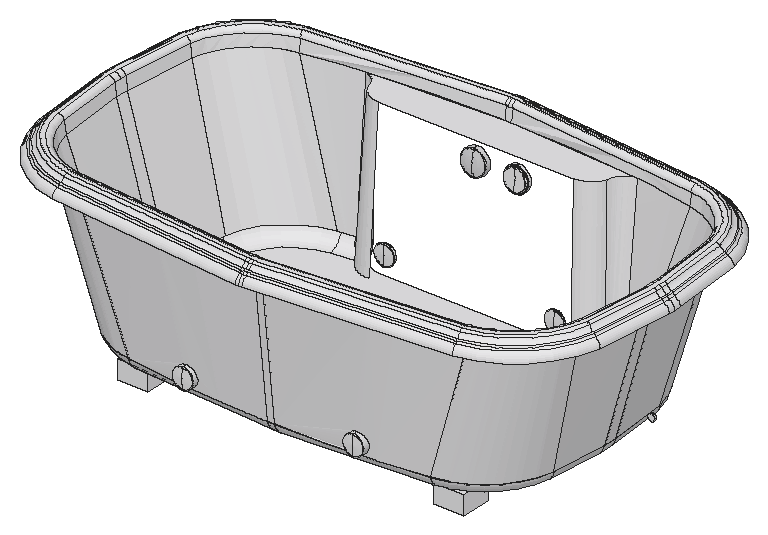
Revit family "Bath-Drop_In-BubbleMassage-KOHLER-PORTRAIT-K-1457T", category Plumbing Fixtures, host Face, Revit 2017
Family settings
  Host = Face
  Round Connector Dimension = Use Diameter
  Part Type = Normal
  OmniClass Number = 23.31.15.00
  Cut with Voids When Loaded = No
  Shared = No
  Room Calculation Point = No
Parameters (values of type "0-White")
  Width = 42"  # constant formula
  WaterSense Certified = 1 = 0  # no
  Waste Water Outlet = "Waste Water Outlet"  # constant formula
  Waste Connection = 1 = 1  # yes
  Voltage = 120 V  # constant formula
  Vent Connection = 1 = 0  # no
  URL = "https://www.kohler.com.cn/"
  Type = 1
  Pump Electrical Connector = "Pump Electrical Connector"  # constant formula
  Product Page URL = "https://www.kohler.com.cn/product/K-1457T-G-0/K-1457T-G-0/"
  Product Name = "PORTRAIT"  # constant formula
  Product Documentation Link = "https://files.kohler.com.cn/pdfs/1404t_556t_1239t_1330t_1457t.pdf"
  Model = "K-1457T-G-0"  # constant formula
  Material = "High brightness acrylic"  # constant formula
  Master Format 2014 Name = "Residential Bathtubs"  # constant formula
  Master Format 2014 = "22 41 19"  # constant formula
  Manufacturer Address = "Kohler Beijing Office (100016)\r\n36-2-03-B, No. 88, Liuxiang Road, Beijing"  # constant formula
  Manufacturer = "KOHLER Co."  # constant formula
  Length = 67"  # constant formula
  Hot Water Inlet = "Hot Water Inlet"  # constant formula
  Height = 22"  # constant formula
  Heater Electrical Connector = "Heater Electrical Connector"  # constant formula
  HW Connection = 1 = 0  # no
  Finish = Kohler-Acrylic-0-White
  Environmental Product Declaration = ""
  Electrical Note = ""
  Electrical Connector = 1 = 1  # yes
  Drain Included = 1 = 0  # no
  Description = "PORTRAIT Experience Bubble Bath"  # constant formula
  Default Elevation = 0"
  Declare Label = ""
  Date Modified = "01/28/2021"  # constant formula
  Date Created = "01/28/2021"  # constant formula
  Copyright = "Copyright KOHLER Co."  # constant formula
  Contact Us = "http://www.kohler.com.cn/contact/contact-us/"
  Cold Water Inlet = "Cold Water Inlet"  # constant formula
  CW Connection = 1 = 0  # no
  Blower Electrical Connector = "Blower Electrical Connector"  # constant formula
  Assembly Code = "D2010500"
  Apparent Load = 1800 VA  # constant formula
  Amplifer Electrical Connector = "Amplifer Electrical Connector"  # constant formula
  ADA Compliant = 1 = 0  # no
Reference planes (in)
  plane 1 "Center (Front/Back)": y = 0
  plane 2: z = 0
  plane 3 "Center (Left/Right)": x = 0
  plane 4: y = 21
  plane 5: y = -21
  plane 6: x = -33.5
  plane 7: x = 33.5
  plane 8: y = 7.46063
  plane 9: x = 25.88386
  plane 10: x = -25.88386
  plane 11: y = 18.67717
  plane 12: y = -16.47325
  plane 13: y = -18.67717
  plane 14: y = 12.67242
  plane 15: x = 5
  plane 16: x = -30.87008
  plane 17: x = 30.87008
  plane 18: z = -21.84252
  plane 19: z = -21.96457
  plane 20: z = -20.01181
  plane 21: z = -1.51575
  plane 22: z = -18.9685
  plane 23: z = 1.98819
Forms (in)
  Extrusion 1, void
    sketch origin (0, 0, 0) x (1, 0, 0) y (0, 1, 0)
      loop
        arc (-0.3937, 20.09449) -> (-11.70764, 19.60197) -> (-22.93599, 18.12814) r 130.19625
        arc (-22.93599, 18.12814) -> (-25.30719, 17.42665) -> (-27.4594, 16.20899) r 10.90551
        arc (-27.4594, 16.20899) -> (-30.24091, 13.25392) -> (-31.74938, 9.48645) r 10.90551
        arc (-31.74938, 9.48645) -> (-32.38272, 5.15741) -> (-32.59449, 0.7874) r 45.19406
        line (-32.59449, 0.7874) -> (-32.59449, -0.7874)
        arc (-32.59449, -0.7874) -> (-32.38272, -5.15741) -> (-31.74938, -9.48645) r 45.19406
        arc (-31.74938, -9.48645) -> (-30.49564, -12.83422) -> (-28.2267, -15.5967) r 10.90551
        arc (-28.2267, -15.5967) -> (-25.75471, -17.22477) -> (-22.93599, -18.12814) r 10.90551
        arc (-22.93599, -18.12814) -> (-11.70764, -19.60197) -> (-0.3937, -20.09449) r 130.19625
        line (-0.3937, -20.09449) -> (0.3937, -20.09449)
        arc (0.3937, -20.09449) -> (11.70764, -19.60197) -> (22.93599, -18.12814) r 130.19625
        arc (22.93599, -18.12814) -> (25.32869, -17.4175) -> (27.49715, -16.18143) r 10.90551
        arc (27.49715, -16.18143) -> (30.25346, -13.23421) -> (31.74938, -9.48645) r 10.90551
        arc (31.74938, -9.48645) -> (32.38272, -5.15741) -> (32.59449, -0.7874) r 45.19406
        line (32.59449, -0.7874) -> (32.59449, 0.7874)
        arc (32.59449, 0.7874) -> (32.38272, 5.15741) -> (31.74938, 9.48645) r 45.19406
        arc (31.74938, 9.48645) -> (30.16109, 13.37717) -> (27.21953, 16.37844) r 10.90551
        arc (27.21953, 16.37844) -> (25.17163, 17.48309) -> (22.93599, 18.12814) r 10.90551
        arc (22.93599, 18.12814) -> (11.70764, 19.60197) -> (0.3937, 20.09449) r 130.19625
        line (0.3937, 20.09449) -> (-0.3937, 20.09449)
    from -24.98982 to 0
Dimensions and locks (in)
  "Length": plane 6 to plane 7
  "Width": plane 5 to plane 4
  plane 10 to plane 9 = 51.76772"
  plane 16 to plane 17 = 61.74016"
  plane 6 to plane 3 "Center (Left/Right)" = 33 1/2"
  plane 8 to plane 4 = 13.53937"
  plane 1 "Center (Front/Back)" to plane 4 = 21"
  plane 12 to plane 14 = 29.14567"
  plane 13 to plane 11 = 37.35433"
  plane 23 to level = 1.98819"
  plane 23 to plane 21 = 3.50394"
  "Height": plane 23 to plane 20
  plane 21 to plane 22 = 17.45276"
  plane 22 to plane 19 = 2.99606"
  plane 23 to plane 18 = 23.83071"
  aligned and locked: plane 2 to host face
  aligned and locked: level to host face
Automatic sketch dimensions
  host sketch curve to host sketch curve = 96"  (x2)
  Extrusion 1 sketch curve to Extrusion 1 sketch curve = 0"  (x16)
  Extrusion 1 sketch curve to plane 6 = 0.90551"
  Extrusion 1 sketch curve to plane 10 = 4.83606"  (x2)
  plane 8 to Extrusion 1 sketch curve = 0.07329"  (x2)
  plane 1 "Center (Front/Back)" to Extrusion 1 sketch curve = 0.7874"  (x2)
  Extrusion 1 sketch curve to Extrusion 1 sketch curve = 8.44822"
  Extrusion 1 sketch curve to plane 3 "Center (Left/Right)" = 0.3937"  (x2)
  plane 3 "Center (Left/Right)" to Extrusion 1 sketch curve = 0.3937"  (x2)
  Extrusion 1 sketch curve to plane 1 "Center (Front/Back)" = 0.7874"  (x2)
  Extrusion 1 sketch curve to plane 15 = 7.59958"
  Extrusion 1 sketch curve to plane 9 = 4.83606"  (x2)
  Extrusion 1 sketch curve to plane 7 = 0.90551"
  plane 1 "Center (Front/Back)" to Extrusion 1 sketch curve = 7.38734"  (x2)
  plane 5 to Extrusion 1 sketch curve = 0.90551"
  Extrusion 1 sketch curve to plane 5 = 89.10177"
  plane 4 to Extrusion 1 sketch curve = 0.90551"
  Extrusion 1 sketch curve to plane 4 = 89.10177"
  Extrusion 1 sketch curve to plane 12 = 0.87656"
  plane 10 to Extrusion 1 sketch curve = 1.57554"
  plane 9 to Extrusion 1 sketch curve = 1.33567"
  Extrusion 1 sketch curve to plane 12 = 0.29182"
Nested families (in)
  nested 1: "K-1457T" at (0, 0, 0), type "K-1457T"
Connectors (in)
  piping at (0, 7.46063, -21.96457), diameter 1.25, driven by "Waste Connection", driven by "Waste Water Outlet"
    settings: on nested 1, index 1, connector inside diameter 24", connector length 0", flow factor 0, pipe flow 0 GPM, pressure drop 0.00 psi, fitting loss kfactor 0, connector angle 0.00°, fixture units 0, engagement length 0", angle of deflection 0.00°, flow configuration 0, flow direction 2, fitting loss method 0, system type 16, joint type 0, gender type 0, connector reference index -1, connector utility 1, adjustable connector no, is connector primary yes, connector description "Waste Water Outlet"
  electrical at (30.87008, 0, -12), driven by "Voltage", driven by "Apparent Load", driven by "Electrical Connector", driven by "Blower Electrical Connector"
    settings: on nested 1, index 2, voltage 120 V, apparent load 1800 VA, apparent load phase1 0 VA, apparent load phase2 0 VA, apparent load phase3 0 VA, power factor 1, load classification "Power", number of poles 1, system type 30, power factor state 1, is connector primary yes, connector utility yes, sub classification motor no, connector description "Blower Electrical Connector"
Definition of nested family "K-1457T"
  Parameters (values of type "K-1457T")
    Material = none
  Reference planes (in)
    plane 1 "Center (Front/Back)": y = 0
    plane 2: z = 0
    plane 3 "Center (Left/Right)": x = 0
    plane 4: x = -33.5
    plane 5: x = 33.5
    plane 6: y = 21
    plane 7: y = -21
    plane 8: y = 7.46063
    plane 9: x = -30.87008
    plane 10: x = 30.87008
    plane 11: y = 18.67717
    plane 12: x = -25.88386
    plane 13: y = -16.47325
    plane 14: x = 25.88386
    plane 15: y = 12.67242
    plane 16: y = -18.67717
    plane 17: z = 1.98819
    plane 18: z = -20.01181
    plane 19: z = -21.84252
    plane 20: z = -1.51575
    plane 21: z = -18.9685
    plane 22: z = -21.96457
    plane 23: x = 5
    plane 24: x = -9.84252
    plane 25: x = 9.84252
  Forms (in)
    Blend 1, solid, material <- "Material", detail levels medium+fine
      base sketch origin (0, 0, 0) x (1, 0, 0) y (0, 1, 0)
        loop
          arc (-15.50677, 15.1665) -> (-14.77639, 14.62058) -> (-14.29355, 13.84705) r 2.47251
          arc (-14.29355, 13.84705) -> (-13.178, 12.50738) -> (-11.48171, 12.1052) r 2.75591
          arc (-11.48171, 12.1052) -> (0.21472, 12.61548) -> (11.90922, 12.06272) r 128.93701
          arc (11.90922, 12.06272) -> (13.52816, 12.45712) -> (14.56109, 13.76462) r 2.55906
          arc (14.56109, 13.76462) -> (15.04649, 14.58965) -> (15.8089, 15.16848) r 2.47251
          arc (15.8089, 15.16848) -> (0.151, 16.10951) -> (-15.50677, 15.1665) r 130.60032
      top sketch origin (0, 0, 0) x (1, 0, 0) y (0, 1, 0)
        loop
          arc (-13.76956, 15.03411) -> (-12.87103, 13.72924) -> (-11.35011, 13.28559) r 2.3622
          arc (-11.35011, 13.28559) -> (-0.04138, 13.61542) -> (11.26746, 13.28935) r 195.14659
          arc (11.26746, 13.28935) -> (12.78716, 13.73273) -> (13.68564, 15.03611) r 2.3622
          arc (13.68564, 15.03611) -> (14.74434, 16.51989) -> (16.51688, 16.94481) r 2.60174
          arc (16.51688, 16.94481) -> (-0.04223, 17.96121) -> (-16.60133, 16.94481) r 135.39841
          arc (-16.60133, 16.94481) -> (-14.82793, 16.51931) -> (-13.76956, 15.03411) r 2.60174
      from -17.76555 to 0
    Sweep 2, solid, material <- "Material", detail levels medium+fine
      path origin (0, 0, 0) x (1, 0, 0) y (0, 1, 0)
        loop
          line (-33.5, 0) -> (-33.5, -0.7874)
          arc (-33.5, -0.7874) -> (-33.28398, -5.24496) -> (-32.63796, -9.66075) r 46.09958
          arc (-32.63796, -9.66075) -> (-29.3169, -15.82074) -> (-23.09277, -19.01998) r 11.81102
          arc (-23.09277, -19.01998) -> (-11.78633, -20.50406) -> (-0.3937, -21) r 131.10177
          line (-0.3937, -21) -> (0, -21) -> (0.3937, -21)
          arc (0.3937, -21) -> (11.78633, -20.50406) -> (23.09277, -19.01998) r 131.10177
          arc (23.09277, -19.01998) -> (29.3169, -15.82074) -> (32.63796, -9.66075) r 11.81102
          arc (32.63796, -9.66075) -> (33.28398, -5.24496) -> (33.5, -0.7874) r 46.09958
          line (33.5, -0.7874) -> (33.5, 0) -> (33.5, 0.7874)
          arc (33.5, 0.7874) -> (33.28398, 5.24496) -> (32.63796, 9.66075) r 46.09958
          arc (32.63796, 9.66075) -> (29.3169, 15.82074) -> (23.09277, 19.01998) r 11.81102
          arc (23.09277, 19.01998) -> (11.78633, 20.50406) -> (0.3937, 21) r 131.10177
          line (0.3937, 21) -> (0, 21) -> (-0.3937, 21)
          arc (-0.3937, 21) -> (-11.78633, 20.50406) -> (-23.09277, 19.01998) r 131.10177
          arc (-23.09277, 19.01998) -> (-29.3169, 15.82074) -> (-32.63796, 9.66075) r 11.81102
          arc (-32.63796, 9.66075) -> (-33.28398, 5.24496) -> (-33.5, 0.7874) r 46.09958
          line (-33.5, 0.7874) -> (-33.5, 0)
      profile origin (0, -21, 0) x (0, 1, 0) y (0, 0, 1)
        loop
          arc (1.78635, 1.98981) -> (1.5989, 1.93549) -> (1.46954, 1.78935) r 0.35057
          arc (1.46954, 1.78935) -> (1.26538, 1.50818) -> (0.97317, 1.32018) r 0.94182
          arc (0.97317, 1.32018) -> (0.87846, 1.25479) -> (0.82025, 1.15551) r 0.26593
          arc (0.82025, 1.15551) -> (0.74221, 1.01975) -> (0.61568, 0.92749) r 0.37643
          arc (0.61568, 0.92749) -> (0.17341, 0.55298) -> (0, 0) r 1.04078
          line (0, 0) -> (0.09845, 0)
          arc (0.09845, 0) -> (0.25601, 0.49943) -> (0.65586, 0.83763) r 0.94236
          arc (0.65586, 0.83763) -> (0.81547, 0.95402) -> (0.91392, 1.12528) r 0.47486
          arc (0.91392, 1.12528) -> (0.95058, 1.18781) -> (1.01024, 1.229) r 0.1675
          arc (1.01024, 1.229) -> (1.33299, 1.43665) -> (1.55848, 1.74721) r 1.04024
          arc (1.55848, 1.74721) -> (1.65152, 1.85231) -> (1.78635, 1.89138) r 0.25215
          line (1.78635, 1.89138) -> (2.29155, 1.89138)
          arc (2.29155, 1.89138) -> (2.69392, 1.74031) -> (2.89744, 1.36175) r 0.61138
          line (2.89744, 1.36175) -> (3.08116, 0) -> (3.18047, 0) -> (2.98827, 1.42461)
          arc (2.98827, 1.42461) -> (2.77109, 1.82859) -> (2.3417, 1.98981) r 0.65243
          line (2.3417, 1.98981) -> (1.78635, 1.98981)
    Blend 3, solid, material <- "Material", detail levels medium+fine
      base sketch origin (0, 0, 0) x (1, 0, 0) y (0, 1, 0)
        loop
          arc (-0.3937, 16.82677) -> (-8.88689, 16.5423) -> (-17.34201, 15.69016) r 126.92854
          arc (-17.34201, 15.69016) -> (-22.5691, 13.19444) -> (-25.35775, 8.11757) r 9.44882
          arc (-25.35775, 8.11757) -> (-25.88333, 4.46922) -> (-26.05906, 0.7874) r 38.65863
          line (-26.05906, 0.7874) -> (-26.05906, -0.7874)
          arc (-26.05906, -0.7874) -> (-25.91797, -4.0871) -> (-25.49576, -7.36272) r 38.65863
          arc (-25.49576, -7.36272) -> (-22.74646, -12.55432) -> (-17.46066, -15.11786) r 9.44882
          arc (-17.46066, -15.11786) -> (-8.94679, -15.98583) -> (-0.3937, -16.27559) r 126.37736
          line (-0.3937, -16.27559) -> (0.3937, -16.27559)
          arc (0.3937, -16.27559) -> (8.94679, -15.98583) -> (17.46066, -15.11786) r 126.37736
          arc (17.46066, -15.11786) -> (22.74646, -12.55432) -> (25.49576, -7.36272) r 9.44882
          arc (25.49576, -7.36272) -> (25.91797, -4.0871) -> (26.05906, -0.7874) r 38.65863
          line (26.05906, -0.7874) -> (26.05906, 0.7874)
          arc (26.05906, 0.7874) -> (25.88333, 4.46922) -> (25.35775, 8.11757) r 38.65863
          arc (25.35775, 8.11757) -> (22.5691, 13.19444) -> (17.34201, 15.69016) r 9.44882
          arc (17.34201, 15.69016) -> (8.88689, 16.5423) -> (0.3937, 16.82677) r 126.92854
          line (0.3937, 16.82677) -> (-0.3937, 16.82677)
      top sketch origin (0, 0, 0) x (1, 0, 0) y (0, 1, 0)
        loop
          arc (-22.61026, 16.2753) -> (-27.36583, 13.83091) -> (-29.9033, 9.12435) r 9.02425
          arc (-29.9033, 9.12435) -> (-30.51027, 4.9755) -> (-30.71323, 0.7874) r 43.3128
          line (-30.71323, 0.7874) -> (-30.71323, -0.7874)
          arc (-30.71323, -0.7874) -> (-30.51027, -4.9755) -> (-29.9033, -9.12435) r 43.3128
          arc (-29.9033, -9.12435) -> (-27.36583, -13.83091) -> (-22.61026, -16.2753) r 9.02425
          arc (-22.61026, -16.2753) -> (-11.54416, -17.72783) -> (-0.3937, -18.21323) r 128.31499
          line (-0.3937, -18.21323) -> (0.3937, -18.21323)
          arc (0.3937, -18.21323) -> (11.54416, -17.72783) -> (22.61026, -16.2753) r 128.31499
          arc (22.61026, -16.2753) -> (27.36583, -13.83091) -> (29.9033, -9.12435) r 9.02425
          arc (29.9033, -9.12435) -> (30.51027, -4.9755) -> (30.71323, -0.7874) r 43.3128
          line (30.71323, -0.7874) -> (30.71323, 0.7874)
          arc (30.71323, 0.7874) -> (30.51027, 4.9755) -> (29.9033, 9.12435) r 43.3128
          arc (29.9033, 9.12435) -> (27.36583, 13.83091) -> (22.61026, 16.2753) r 9.02425
          arc (22.61026, 16.2753) -> (11.54416, 17.72783) -> (0.3937, 18.21323) r 128.31499
          line (0.3937, 18.21323) -> (-0.3937, 18.21323)
          arc (-0.3937, 18.21323) -> (-11.54416, 17.72783) -> (-22.61026, 16.2753) r 128.31499
      from -16.23475 to 0
    Blend 4, void
      base sketch origin (0, 0, 0) x (1, 0, 0) y (0, 1, 0)
        loop
          arc (-17.35433, -14.33767) -> (-8.8935, -15.20023) -> (-0.3937, -15.48819) r 125.58996
          line (-0.3937, -15.48819) -> (0.3937, -15.48819)
          arc (0.3937, -15.48819) -> (8.8935, -15.20023) -> (17.35433, -14.33767) r 125.58996
          arc (17.35433, -14.33767) -> (22.19964, -11.98776) -> (24.71984, -7.22879) r 8.66142
          arc (24.71984, -7.22879) -> (25.13345, -4.01989) -> (25.27165, -0.7874) r 37.87123
          line (25.27165, -0.7874) -> (25.27165, 0.7874)
          arc (25.27165, 0.7874) -> (25.09951, 4.39423) -> (24.58463, 7.96827) r 37.87123
          arc (24.58463, 7.96827) -> (22.02837, 12.62207) -> (17.23687, 14.90981) r 8.66142
          arc (17.23687, 14.90981) -> (8.8342, 15.75666) -> (0.3937, 16.03937) r 126.14114
          line (0.3937, 16.03937) -> (-0.3937, 16.03937)
          arc (-0.3937, 16.03937) -> (-8.8342, 15.75666) -> (-17.23687, 14.90981) r 126.14114
          arc (-17.23687, 14.90981) -> (-22.02837, 12.62207) -> (-24.58463, 7.96827) r 8.66142
          arc (-24.58463, 7.96827) -> (-25.09951, 4.39423) -> (-25.27165, 0.7874) r 37.87123
          line (-25.27165, 0.7874) -> (-25.27165, -0.7874)
          arc (-25.27165, -0.7874) -> (-25.13345, -4.01989) -> (-24.71984, -7.22879) r 37.87123
          arc (-24.71984, -7.22879) -> (-22.19964, -11.98776) -> (-17.35433, -14.33767) r 8.66142
      top sketch origin (0, 0, 0) x (1, 0, 0) y (0, 1, 0)
        loop
          arc (22.5421, -15.88754) -> (27.09019, -13.54979) -> (29.51696, -9.04857) r 8.63055
          arc (29.51696, -9.04857) -> (30.11841, -4.93743) -> (30.31953, -0.7874) r 42.9191
          line (30.31953, -0.7874) -> (30.31953, 0.7874)
          arc (30.31953, 0.7874) -> (30.11841, 4.93743) -> (29.51696, 9.04857) r 42.9191
          arc (29.51696, 9.04857) -> (27.09019, 13.54979) -> (22.5421, 15.88754) r 8.63055
          arc (22.5421, 15.88754) -> (11.50995, 17.33562) -> (0.3937, 17.81953) r 127.92129
          line (0.3937, 17.81953) -> (-0.3937, 17.81953)
          arc (-0.3937, 17.81953) -> (-11.50995, 17.33562) -> (-22.5421, 15.88754) r 127.92129
          arc (-22.5421, 15.88754) -> (-27.09019, 13.54979) -> (-29.51696, 9.04857) r 8.63055
          arc (-29.51696, 9.04857) -> (-30.11841, 4.93743) -> (-30.31953, 0.7874) r 42.9191
          line (-30.31953, 0.7874) -> (-30.31953, -0.7874)
          arc (-30.31953, -0.7874) -> (-30.11841, -4.93743) -> (-29.51696, -9.04857) r 42.9191
          arc (-29.51696, -9.04857) -> (-27.09019, -13.54979) -> (-22.5421, -15.88754) r 8.63055
          arc (-22.5421, -15.88754) -> (-11.50995, -17.33562) -> (-0.3937, -17.81953) r 127.92129
          line (-0.3937, -17.81953) -> (0.3937, -17.81953)
          arc (0.3937, -17.81953) -> (11.50995, -17.33562) -> (22.5421, -15.88754) r 127.92129
      from -16.97366 to 0
    Sweep 5, solid, material <- "Material", detail levels medium+fine
      path origin (0, 0, 0) x (1, 0, 0) y (0, 1, 0)
        loop
          arc (-17.46066, -15.11786) -> (-8.94679, -15.98583) -> (-0.3937, -16.27559) r 126.37736
          line (-0.3937, -16.27559) -> (0.3937, -16.27559)
          arc (0.3937, -16.27559) -> (8.94679, -15.98583) -> (17.46066, -15.11786) r 126.37736
          arc (17.46066, -15.11786) -> (22.74646, -12.55432) -> (25.49576, -7.36272) r 9.44882
          arc (25.49576, -7.36272) -> (25.91797, -4.0871) -> (26.05906, -0.7874) r 38.65863
          line (26.05906, -0.7874) -> (26.05906, 0.7874)
          arc (26.05906, 0.7874) -> (25.88333, 4.46922) -> (25.35775, 8.11757) r 38.65863
          arc (25.35775, 8.11757) -> (22.5691, 13.19444) -> (17.34201, 15.69016) r 9.44882
          arc (17.34201, 15.69016) -> (8.88689, 16.5423) -> (0.3937, 16.82677) r 126.92854
          line (0.3937, 16.82677) -> (-0.3937, 16.82677)
          arc (-0.3937, 16.82677) -> (-8.88689, 16.5423) -> (-17.34201, 15.69016) r 126.92854
          arc (-17.34201, 15.69016) -> (-22.5691, 13.19444) -> (-25.35775, 8.11757) r 9.44882
          arc (-25.35775, 8.11757) -> (-25.88333, 4.46922) -> (-26.05906, 0.7874) r 38.65863
          line (-26.05906, 0.7874) -> (-26.05906, -0.7874)
          arc (-26.05906, -0.7874) -> (-25.91797, -4.0871) -> (-25.49576, -7.36272) r 38.65863
          arc (-25.49576, -7.36272) -> (-22.74646, -12.55432) -> (-17.46066, -15.11786) r 9.44882
      profile origin (26.05906, -0.7874, 0) x (1, 0, 0) y (0, 0, 1)
        loop
          line (-0.01755, -16.29598) -> (0, -16.23475) -> (-0.10239, -16.23475) -> (-0.11217, -16.26885)
          arc (-0.11217, -16.26885) -> (-0.8551, -17.34994) -> (-2.09906, -17.76618) r 2.06693
          line (-2.09906, -17.76618) -> (-2.89528, -17.76618) -> (-2.89528, -17.86461) -> (-2.09906, -17.86461)
          arc (-2.09906, -17.86461) -> (-0.79587, -17.42854) -> (-0.01755, -16.29598) r 2.16535
    Extrusion 6, solid, material <- "Material", detail levels medium+fine
      sketch origin (0, 0, 0) x (1, 0, 0) y (0, 1, 0)
        loop
          arc (-22.51499, 7.56859) -> (-23.00121, 4.19348) -> (-23.16378, 0.7874) r 35.76335
          line (-23.16378, 0.7874) -> (-23.16378, -0.7874)
          arc (-23.16378, -0.7874) -> (-23.03326, -3.83998) -> (-22.64267, -6.87027) r 35.76335
          arc (-22.64267, -6.87027) -> (-20.7358, -10.47108) -> (-17.06966, -12.24911) r 6.55354
          arc (-17.06966, -12.24911) -> (-8.75084, -13.09719) -> (-0.3937, -13.38031) r 123.48208
          line (-0.3937, -13.38031) -> (0.3937, -13.38031)
          arc (0.3937, -13.38031) -> (8.75084, -13.09719) -> (17.06966, -12.24911) r 123.48208
          arc (17.06966, -12.24911) -> (20.7358, -10.47108) -> (22.64267, -6.87027) r 6.55354
          arc (22.64267, -6.87027) -> (23.03326, -3.83998) -> (23.16378, -0.7874) r 35.76335
          line (23.16378, -0.7874) -> (23.16378, 0.7874)
          arc (23.16378, 0.7874) -> (23.00121, 4.19348) -> (22.51499, 7.56859) r 35.76335
          arc (22.51499, 7.56859) -> (20.58084, 11.08982) -> (16.95541, 12.82081) r 6.55354
          arc (16.95541, 12.82081) -> (8.69316, 13.65351) -> (0.3937, 13.93149) r 124.03326
          line (0.3937, 13.93149) -> (-0.3937, 13.93149)
          arc (-0.3937, 13.93149) -> (-8.69316, 13.65351) -> (-16.95541, 12.82081) r 124.03326
          arc (-16.95541, 12.82081) -> (-20.58084, 11.08982) -> (-22.51499, 7.56859) r 6.55354
      from -17.86461 to -17.76618
    Revolve 7, solid, detail levels medium+fine
      sketch origin (-52.31217, 7.46063, 48.24606) x (-1, 0, 0) y (0, 0, 1)
        loop
          line (-51.68225, -66.19369) -> (-51.68225, -66.11495) -> (-51.7451, -66.11495) -> (-51.7451, -65.93779) -> (-50.92649, -65.93779)
          arc (-50.92649, -65.93779) -> (-50.90538, -65.91976) -> (-50.91988, -65.89609) r 0.02137
          arc (-50.91988, -65.89609) -> (-51.61473, -65.83233) -> (-52.31217, -65.81105) r 11.44063
          line (-52.31217, -65.81105) -> (-52.31217, -66.69487) -> (-52.1388, -66.69487) -> (-52.1388, -66.19369) -> (-51.68225, -66.19369)
        axis (-52.31217, -66.69487) -> (-52.31217, -65.81105)
      angle from 0 to 360
    Revolve 8, void
      sketch origin (-52.31217, 7.46063, 48) x (-1, 0, 0) y (0, 0, 1)
        loop
          line (-50.22361, -65.76618) -> (-50.00348, -65.76618) -> (-50.00348, -65.63541) -> (-52.31217, -65.63541) -> (-52.31217, -66.72093) -> (-51.57381, -66.72093)
          arc (-51.57381, -66.72093) -> (-51.54285, -66.70967) -> (-51.52638, -66.68114) r 0.04816
          line (-51.52638, -66.68114) -> (-51.474, -66.38405)
          arc (-51.474, -66.38405) -> (-51.3961, -66.24912) -> (-51.2497, -66.19583) r 0.22776
          line (-51.2497, -66.19583) -> (-50.88592, -66.19583)
          arc (-50.88592, -66.19583) -> (-50.81059, -66.18085) -> (-50.74672, -66.13818) r 0.19685
          line (-50.74672, -66.13818) -> (-50.48158, -65.87304)
          arc (-50.48158, -65.87304) -> (-50.36322, -65.79395) -> (-50.22361, -65.76618) r 0.36483
        axis (-52.31217, -66.72093) -> (-52.31217, -65.63541)
      angle from 0 to 360
    Revolve 9, solid, material <- "Material", detail levels medium+fine
      sketch origin (-52.31217, 7.46063, 48) x (-1, 0, 0) y (0, 0, 1)
        loop
          arc (-50.41199, -65.94264) -> (-50.32556, -65.88489) -> (-50.22361, -65.86461) r 0.26641
          line (-50.22361, -65.86461) -> (-52.31217, -65.86461) -> (-52.31217, -66.67172) -> (-51.54778, -66.67172)
          arc (-51.54778, -66.67172) -> (-51.45355, -66.63743) -> (-51.40342, -66.55059) r 0.14658
          line (-51.40342, -66.55059) -> (-51.37707, -66.40114)
          arc (-51.37707, -66.40114) -> (-51.33283, -66.32452) -> (-51.2497, -66.29426) r 0.12934
          line (-51.2497, -66.29426) -> (-50.88592, -66.29426)
          arc (-50.88592, -66.29426) -> (-50.77292, -66.27178) -> (-50.67713, -66.20778) r 0.29528
          line (-50.67713, -66.20778) -> (-50.41199, -65.94264)
        axis (-52.31217, -66.67172) -> (-52.31217, -65.86461)
      angle from 0 to 360
    Revolve 10, solid, detail levels medium+fine
      sketch origin (0, 0, -0.54134) x (0, 1, 0) y (0, 0, 1)
        loop
          line (13.40929, -1.59023) -> (13.49232, -0.09647) -> (12.92306, -0.09647)
          arc (12.92306, -0.09647) -> (12.88485, -0.10937) -> (12.86228, -0.14279) r 0.06304
          arc (12.86228, -0.14279) -> (12.71012, -0.83881) -> (12.63278, -1.54706) r 6.69485
          line (12.63278, -1.54706) -> (13.40929, -1.59023)
        axis (13.40929, -1.59023) -> (12.63278, -1.54706)
      angle from 0 to 360
    Revolve 11, solid, material <- "Material", detail levels medium+fine
      sketch origin (5, 12.81397, 47.17255) x (0, 1, 0) y (0, 0, 1)
        loop
          line (0.49062, -47.95459) -> (0.39717, -47.82113) -> (0.08859, -47.80744)
          arc (0.08859, -47.80744) -> (0.07268, -47.80935) -> (0.05823, -47.81628) r 0.04914
          line (0.05823, -47.81628) -> (-0.0452, -47.8887) -> (-0.16717, -47.9331)
          arc (-0.16717, -47.9331) -> (-0.18021, -47.94265) -> (-0.18607, -47.95772) r 0.02888
          line (-0.18607, -47.95772) -> (-0.29536, -49.20694) -> (0.38522, -49.26182) -> (0.49062, -47.95459)
        axis (0.38522, -49.26182) -> (-0.29536, -49.20694)
      angle from 0 to 360
    Extrusion 12, solid, material <- "Material", detail levels medium+fine
      sketch origin (0, 0, 0) x (1, 0, 0) y (0, 1, 0)
        loop
          line (-16.5, 12.46) -> (-20, 12.46) -> (-20, 8.96) -> (-16.5, 8.96) -> (-16.5, 12.46)
        loop
          line (16.5, 12.46) -> (16.5, 8.96) -> (20, 8.96) -> (20, 12.46) -> (16.5, 12.46)
        loop
          line (1.75, 1.21) -> (-1.75, 1.21) -> (-1.75, -2.29) -> (1.75, -2.29) -> (1.75, 1.21)
        loop
          line (-16.5, -10.04) -> (-20, -10.04) -> (-20, -13.54) -> (-16.5, -13.54) -> (-16.5, -10.04)
        loop
          line (20, -10.04) -> (16.5, -10.04) -> (16.5, -13.54) -> (20, -13.54) -> (20, -10.04)
      from -20.01019 to -17.83961
    Extrusion 13, void
      sketch origin (0, 0, 0) x (1, 0, 0) y (0, 1, 0)
        loop
          line (16.49727, 16.99539) -> (16.49727, 19.16075) -> (-16.48865, 19.16075) -> (-16.48865, 17.038)
          arc (-16.48865, 17.038) -> (-14.78518, 16.59896) -> (-13.73877, 15.18489) r 2.63197
          arc (-13.73877, 15.18489) -> (-12.76523, 13.84024) -> (-11.17141, 13.37591) r 2.55906
          arc (-11.17141, 13.37591) -> (0.00115, 13.63715) -> (11.17365, 13.37384) r 238.09677
          arc (11.17365, 13.37384) -> (12.75018, 13.82573) -> (13.72863, 15.14188) r 2.55906
          arc (13.72863, 15.14188) -> (14.79148, 16.54882) -> (16.49727, 16.99539) r 2.69025
      from -23.8144 to -0.26081
    Extrusion 14, void
      sketch origin (0, 0, 0) x (0, 1, 0) y (0, 0, 1)
        loop
          arc (15.99576, -16.23475) -> (15.22848, -17.2807) -> (14.03433, -17.7874) r 2.44671
          line (14.03433, -17.7874) -> (14.03433, -18.03664) -> (16.41474, -18.03664) -> (16.41474, -16.23475) -> (15.99576, -16.23475)
      from -20 to 17.71505
    Revolve 15, solid, material <- "Material", detail levels medium+fine
      sketch origin (-9.84252, 27.83912, 47.99265) x (0, 1, 0) y (0, 0, 1)
        loop
          line (-15.24952, -62.88508) -> (-15.24952, -61.70397) -> (-15.51882, -61.70397)
          arc (-15.51882, -61.70397) -> (-15.53835, -61.71118) -> (-15.54852, -61.72935) r 0.03006
          arc (-15.54852, -61.72935) -> (-15.61648, -62.30544) -> (-15.63918, -62.88508) r 7.41184
          line (-15.63918, -62.88508) -> (-15.24952, -62.88508)
        axis (-15.24952, -62.88508) -> (-15.63918, -62.88508)
      angle from 0 to 360
    Revolve 16, solid, material <- "Material", detail levels medium+fine
      sketch origin (9.84252, 27.83912, 47.99265) x (0, 1, 0) y (0, 0, -1)
        loop
          line (-15.24952, 62.88508) -> (-15.63918, 62.88508)
          arc (-15.63918, 62.88508) -> (-15.61648, 62.30544) -> (-15.54852, 61.72935) r 7.41184
          arc (-15.54852, 61.72935) -> (-15.53835, 61.71118) -> (-15.51882, 61.70397) r 0.03006
          line (-15.51882, 61.70397) -> (-15.24952, 61.70397) -> (-15.24952, 62.88508)
        axis (-15.24952, 62.88508) -> (-15.63918, 62.88508)
      angle from 0 to 360
    Revolve 17, solid, material <- "Material", detail levels medium+fine
      sketch origin (-9.84252, -30.79187, 47.99265) x (0, -1, 0) y (0, 0, -1)
        loop
          line (-13.89618, 62.88508) -> (-15.63918, 62.88508)
          arc (-15.63918, 62.88508) -> (-15.61648, 62.30544) -> (-15.54852, 61.72935) r 7.41184
          arc (-15.54852, 61.72935) -> (-15.53835, 61.71118) -> (-15.51882, 61.70397) r 0.03006
          line (-15.51882, 61.70397) -> (-14.01653, 61.70397)
          arc (-14.01653, 61.70397) -> (-13.997, 61.71118) -> (-13.98684, 61.72935) r 0.03006
          arc (-13.98684, 61.72935) -> (-13.91888, 62.30544) -> (-13.89618, 62.88508) r 7.41184
        axis (-13.89618, 62.88508) -> (-15.63918, 62.88508)
      angle from 0 to 360
    Revolve 18, solid, material <- "Material", detail levels medium+fine
      sketch origin (9.84252, -30.79187, 47.99265) x (0, -1, 0) y (0, 0, 1)
        loop
          arc (-13.89618, -62.88508) -> (-13.91888, -62.30544) -> (-13.98684, -61.72935) r 7.41184
          arc (-13.98684, -61.72935) -> (-13.997, -61.71118) -> (-14.01653, -61.70397) r 0.03006
          line (-14.01653, -61.70397) -> (-15.51882, -61.70397)
          arc (-15.51882, -61.70397) -> (-15.53835, -61.71118) -> (-15.54852, -61.72935) r 0.03006
          arc (-15.54852, -61.72935) -> (-15.61648, -62.30544) -> (-15.63918, -62.88508) r 7.41184
          line (-15.63918, -62.88508) -> (-13.89618, -62.88508)
        axis (-13.89618, -62.88508) -> (-15.63918, -62.88508)
      angle from 0 to 360
    Extrusion 19, solid, material <- "Material", detail levels coarse
      sketch origin (0, 0, 0) x (1, 0, 0) y (0, 1, 0)
        loop
          arc (-0.3937, 21) -> (-11.78633, 20.50406) -> (-23.09277, 19.01998) r 131.10177
          arc (-23.09277, 19.01998) -> (-29.3169, 15.82074) -> (-32.63796, 9.66075) r 11.81102
          arc (-32.63796, 9.66075) -> (-33.28398, 5.24496) -> (-33.5, 0.7874) r 46.09958
          line (-33.5, 0.7874) -> (-33.5, -0.7874)
          arc (-33.5, -0.7874) -> (-33.28398, -5.24496) -> (-32.63796, -9.66075) r 46.09958
          arc (-32.63796, -9.66075) -> (-29.3169, -15.82074) -> (-23.09277, -19.01998) r 11.81102
          arc (-23.09277, -19.01998) -> (-11.78633, -20.50406) -> (-0.3937, -21) r 131.10177
          line (-0.3937, -21) -> (0.3937, -21)
          arc (0.3937, -21) -> (11.78633, -20.50406) -> (23.09277, -19.01998) r 131.10177
          arc (23.09277, -19.01998) -> (29.3169, -15.82074) -> (32.63796, -9.66075) r 11.81102
          arc (32.63796, -9.66075) -> (33.28398, -5.24496) -> (33.5, -0.7874) r 46.09958
          line (33.5, -0.7874) -> (33.5, 0.7874)
          arc (33.5, 0.7874) -> (33.28398, 5.24496) -> (32.63796, 9.66075) r 46.09958
          arc (32.63796, 9.66075) -> (29.3169, 15.82074) -> (23.09277, 19.01998) r 11.81102
          arc (23.09277, 19.01998) -> (11.78633, 20.50406) -> (0.3937, 21) r 131.10177
          line (0.3937, 21) -> (-0.3937, 21)
        loop
          arc (-22.54744, 15.91794) -> (-24.19287, 15.45757) -> (-25.71592, 14.68314) r 8.66142
          arc (-25.71592, 14.68314) -> (-28.20787, 12.2611) -> (-29.54725, 9.05451) r 8.66142
          arc (-29.54725, 9.05451) -> (-30.14914, 4.94041) -> (-30.35039, 0.7874) r 42.94997
          line (-30.35039, 0.7874) -> (-30.35039, -0.7874)
          arc (-30.35039, -0.7874) -> (-30.14914, -4.94041) -> (-29.54725, -9.05451) r 42.94997
          arc (-29.54725, -9.05451) -> (-27.1118, -13.57183) -> (-22.54744, -15.91794) r 8.66142
          arc (-22.54744, -15.91794) -> (-11.51263, -17.36637) -> (-0.3937, -17.85039) r 127.95216
          line (-0.3937, -17.85039) -> (0.3937, -17.85039)
          arc (0.3937, -17.85039) -> (11.51263, -17.36637) -> (22.54744, -15.91794) r 127.95216
          arc (22.54744, -15.91794) -> (27.1118, -13.57183) -> (29.54725, -9.05451) r 8.66142
          arc (29.54725, -9.05451) -> (30.14914, -4.94041) -> (30.35039, -0.7874) r 42.94997
          line (30.35039, -0.7874) -> (30.35039, 0.7874)
          arc (30.35039, 0.7874) -> (30.14914, 4.94041) -> (29.54725, 9.05451) r 42.94997
          arc (29.54725, 9.05451) -> (27.1118, 13.57183) -> (22.54744, 15.91794) r 8.66142
          arc (22.54744, 15.91794) -> (11.51263, 17.36637) -> (0.3937, 17.85039) r 127.95216
          line (0.3937, 17.85039) -> (-0.3937, 17.85039)
          arc (-0.3937, 17.85039) -> (-11.51263, 17.36637) -> (-22.54744, 15.91794) r 127.95216
      from 0 to 1.98819
    Extrusion 20, solid, material <- "Material", detail levels coarse
      sketch origin (0, 0, 0) x (1, 0, 0) y (0, 1, 0)
        loop
          line (-20, -13.54) -> (-16.5, -13.54) -> (-16.5, -10.04) -> (-20, -10.04) -> (-20, -13.54)
        loop
          line (-1.75, -2.29) -> (1.75, -2.29) -> (1.75, 1.21) -> (-1.75, 1.21) -> (-1.75, -2.29)
        loop
          line (16.5, -13.54) -> (20, -13.54) -> (20, -10.04) -> (16.5, -10.04) -> (16.5, -13.54)
        loop
          line (-20, 8.96) -> (-16.5, 8.96) -> (-16.5, 12.46) -> (-20, 12.46) -> (-20, 8.96)
        loop
          line (16.5, 8.96) -> (20, 8.96) -> (20, 12.46) -> (16.5, 12.46) -> (16.5, 8.96)
      from -20.01181 to -17.89249
    Blend 21, solid, material <- "Material", detail levels coarse
      base sketch origin (0, 0, 0) x (1, 0, 0) y (0, 1, 0)
        loop
          arc (-0.3937, 14.70079) -> (-11.23893, 14.22867) -> (-22.00212, 12.8159) r 124.80255
          arc (-22.00212, 12.8159) -> (-23.04921, 12.52294) -> (-24.01842, 12.03012) r 5.51181
          arc (-24.01842, 12.03012) -> (-25.60421, 10.48882) -> (-26.45654, 8.44826) r 5.51181
          arc (-26.45654, 8.44826) -> (-27.01429, 4.63587) -> (-27.20079, 0.7874) r 39.80036
          line (-27.20079, 0.7874) -> (-27.20079, -0.7874)
          arc (-27.20079, -0.7874) -> (-27.01429, -4.63587) -> (-26.45654, -8.44826) r 39.80036
          arc (-26.45654, -8.44826) -> (-24.90671, -11.32293) -> (-22.00212, -12.8159) r 5.51181
          arc (-22.00212, -12.8159) -> (-11.23893, -14.22867) -> (-0.3937, -14.70079) r 124.80255
          line (-0.3937, -14.70079) -> (0.3937, -14.70079)
          arc (0.3937, -14.70079) -> (11.23893, -14.22867) -> (22.00212, -12.8159) r 124.80255
          arc (22.00212, -12.8159) -> (24.90671, -11.32293) -> (26.45654, -8.44826) r 5.51181
          arc (26.45654, -8.44826) -> (27.01429, -4.63587) -> (27.20079, -0.7874) r 39.80036
          line (27.20079, -0.7874) -> (27.20079, 0.7874)
          arc (27.20079, 0.7874) -> (27.01429, 4.63587) -> (26.45654, 8.44826) r 39.80036
          arc (26.45654, 8.44826) -> (24.90671, 11.32293) -> (22.00212, 12.8159) r 5.51181
          arc (22.00212, 12.8159) -> (11.23893, 14.22867) -> (0.3937, 14.70079) r 124.80255
          line (0.3937, 14.70079) -> (-0.3937, 14.70079)
      top sketch origin (0, 0, 0) x (1, 0, 0) y (0, 1, 0)
        loop
          arc (-29.54725, 9.05451) -> (-30.14914, 4.94041) -> (-30.35039, 0.7874) r 42.94997
          line (-30.35039, 0.7874) -> (-30.35039, -0.7874)
          arc (-30.35039, -0.7874) -> (-30.14914, -4.94041) -> (-29.54725, -9.05451) r 42.94997
          arc (-29.54725, -9.05451) -> (-27.1118, -13.57183) -> (-22.54744, -15.91794) r 8.66142
          arc (-22.54744, -15.91794) -> (-11.51263, -17.36637) -> (-0.3937, -17.85039) r 127.95216
          line (-0.3937, -17.85039) -> (0.3937, -17.85039)
          arc (0.3937, -17.85039) -> (11.51263, -17.36637) -> (22.54744, -15.91794) r 127.95216
          arc (22.54744, -15.91794) -> (27.1118, -13.57183) -> (29.54725, -9.05451) r 8.66142
          arc (29.54725, -9.05451) -> (30.14914, -4.94041) -> (30.35039, -0.7874) r 42.94997
          line (30.35039, -0.7874) -> (30.35039, 0.7874)
          arc (30.35039, 0.7874) -> (30.14914, 4.94041) -> (29.54725, 9.05451) r 42.94997
          arc (29.54725, 9.05451) -> (27.1118, 13.57183) -> (22.54744, 15.91794) r 8.66142
          arc (22.54744, 15.91794) -> (11.51263, 17.36637) -> (0.3937, 17.85039) r 127.95216
          line (0.3937, 17.85039) -> (-0.3937, 17.85039)
          arc (-0.3937, 17.85039) -> (-11.51263, 17.36637) -> (-22.54744, 15.91794) r 127.95216
          arc (-22.54744, 15.91794) -> (-24.19287, 15.45757) -> (-25.71592, 14.68314) r 8.66142
          arc (-25.71592, 14.68314) -> (-28.20787, 12.2611) -> (-29.54725, 9.05451) r 8.66142
      from -18.4488 to 0
    Blend 22, void
      base sketch origin (0, 0, 0) x (1, 0, 0) y (0, 1, 0)
        loop
          arc (-0.3937, 13.91339) -> (-11.17051, 13.44425) -> (-21.86578, 12.0404) r 124.01515
          arc (-21.86578, 12.0404) -> (-22.76329, 11.78928) -> (-23.59404, 11.36687) r 4.72441
          arc (-23.59404, 11.36687) -> (-24.95329, 10.04575) -> (-25.68386, 8.2967) r 4.72441
          arc (-25.68386, 8.2967) -> (-26.23058, 4.55973) -> (-26.41339, 0.7874) r 39.01296
          line (-26.41339, 0.7874) -> (-26.41339, -0.7874)
          arc (-26.41339, -0.7874) -> (-26.23058, -4.55973) -> (-25.68386, -8.2967) r 39.01296
          arc (-25.68386, -8.2967) -> (-24.35544, -10.7607) -> (-21.86578, -12.0404) r 4.72441
          arc (-21.86578, -12.0404) -> (-11.17051, -13.44425) -> (-0.3937, -13.91339) r 124.01515
          line (-0.3937, -13.91339) -> (0.3937, -13.91339)
          arc (0.3937, -13.91339) -> (11.17051, -13.44425) -> (21.86578, -12.0404) r 124.01515
          arc (21.86578, -12.0404) -> (24.35544, -10.7607) -> (25.68386, -8.2967) r 4.72441
          arc (25.68386, -8.2967) -> (26.23058, -4.55973) -> (26.41339, -0.7874) r 39.01296
          line (26.41339, -0.7874) -> (26.41339, 0.7874)
          arc (26.41339, 0.7874) -> (26.23058, 4.55973) -> (25.68386, 8.2967) r 39.01296
          arc (25.68386, 8.2967) -> (24.35544, 10.7607) -> (21.86578, 12.0404) r 4.72441
          arc (21.86578, 12.0404) -> (11.17051, 13.44425) -> (0.3937, 13.91339) r 124.01515
          line (0.3937, 13.91339) -> (-0.3937, 13.91339)
      top sketch origin (0, 0, 0) x (1, 0, 0) y (0, 1, 0)
        loop
          arc (-0.3937, 17.45669) -> (-11.47842, 16.97415) -> (-22.47928, 15.53019) r 127.55846
          arc (-22.47928, 15.53019) -> (-24.04992, 15.09074) -> (-25.50373, 14.35152) r 8.26772
          arc (-25.50373, 14.35152) -> (-27.88241, 12.03956) -> (-29.16091, 8.97873) r 8.26772
          arc (-29.16091, 8.97873) -> (-29.75728, 4.90235) -> (-29.95669, 0.7874) r 42.55627
          line (-29.95669, 0.7874) -> (-29.95669, -0.7874)
          arc (-29.95669, -0.7874) -> (-29.75728, -4.90235) -> (-29.16091, -8.97873) r 42.55627
          arc (-29.16091, -8.97873) -> (-26.83617, -13.29072) -> (-22.47928, -15.53019) r 8.26772
          arc (-22.47928, -15.53019) -> (-11.47842, -16.97415) -> (-0.3937, -17.45669) r 127.55846
          line (-0.3937, -17.45669) -> (0.3937, -17.45669)
          arc (0.3937, -17.45669) -> (11.47842, -16.97415) -> (22.47928, -15.53019) r 127.55846
          arc (22.47928, -15.53019) -> (26.83617, -13.29072) -> (29.16091, -8.97873) r 8.26772
          arc (29.16091, -8.97873) -> (29.75728, -4.90235) -> (29.95669, -0.7874) r 42.55627
          line (29.95669, -0.7874) -> (29.95669, 0.7874)
          arc (29.95669, 0.7874) -> (29.75728, 4.90235) -> (29.16091, 8.97873) r 42.55627
          arc (29.16091, 8.97873) -> (26.83617, 13.29072) -> (22.47928, 15.53019) r 8.26772
          arc (22.47928, 15.53019) -> (11.47842, 16.97415) -> (0.3937, 17.45669) r 127.55846
          line (0.3937, 17.45669) -> (-0.3937, 17.45669)
      from -17.01776 to 0
    Extrusion 23, solid, material <- "Material", detail levels medium+fine
      sketch origin (-52.31217, 7.46063, 48) x (-1, 0, 0) y (0, 0, 1)
        loop
          circle (-83.18225, -60) r 0.3937
      from -7.46063 to -7.29944
    Extrusion 24, solid, material <- "Material", detail levels medium+fine
      sketch origin (0, 0, 0) x (1, 0, 0) y (0, 1, 0)
        loop
          circle (0, 7.46063) r 0.78778
        loop
          circle (0, 7.46063) r 0.67658
      from -21.96457 to -18.66984
  Cuts and joins
    Extrusion 13, Extrusion 14 cuts Blend 1
    Blend 4, Extrusion 13 cuts Sweep 2
    Blend 4, Extrusion 13 cuts Blend 3
    joined: Blend 1, Sweep 2, Blend 3, Revolve 15, Revolve 16, Revolve 17, Revolve 18
    Revolve 8, Extrusion 13 cuts Sweep 5
    Revolve 8, Extrusion 13 cuts Extrusion 6
    Revolve 8 cuts Revolve 9
    joined: Sweep 5, Extrusion 6, Revolve 9, Extrusion 12
    Blend 22 cuts Blend 21
    joined: Extrusion 19, Extrusion 20, Blend 21
  Lines and regions (in)
    Masking region 1
      outline origin (0, 0, 0) x (1, 0, 0) y (0, 1, 0)
        loop
          line (-33.5, 0) -> (-33.5, -0.7874)
          arc (-33.5, -0.7874) -> (-33.28398, -5.24496) -> (-32.63796, -9.66075) r 46.09958
          arc (-32.63796, -9.66075) -> (-31.42909, -13.02018) -> (-29.27161, -15.8649) r 11.81102
          arc (-29.27161, -15.8649) -> (-29.2136, -16.07587) -> (-29.24492, -16.29243) r 0.53486
          arc (-29.24492, -16.29243) -> (-29.25088, -16.41523) -> (-29.18622, -16.5198) r 0.20725
          arc (-29.18622, -16.5198) -> (-28.56939, -17.00185) -> (-27.90545, -17.41661) r 7.46051
          arc (-27.90545, -17.41661) -> (-27.78286, -17.4482) -> (-27.66035, -17.41626) r 0.25226
          arc (-27.66035, -17.41626) -> (-27.50644, -17.36654) -> (-27.34522, -17.37947) r 0.41477
          arc (-27.34522, -17.37947) -> (-25.29888, -18.4068) -> (-23.09277, -19.01998) r 11.81102
          arc (-23.09277, -19.01998) -> (-11.78633, -20.50406) -> (-0.3937, -21) r 131.10177
          line (-0.3937, -21) -> (0, -21) -> (0.3937, -21)
          arc (0.3937, -21) -> (11.78633, -20.50406) -> (23.09277, -19.01998) r 131.10177
          arc (23.09277, -19.01998) -> (25.29888, -18.4068) -> (27.34522, -17.37947) r 11.81102
          arc (27.34522, -17.37947) -> (27.50644, -17.36654) -> (27.66035, -17.41626) r 0.41477
          arc (27.66035, -17.41626) -> (27.78286, -17.4482) -> (27.90545, -17.41661) r 0.25226
          arc (27.90545, -17.41661) -> (28.56939, -17.00185) -> (29.18622, -16.5198) r 7.46051
          arc (29.18622, -16.5198) -> (29.25088, -16.41523) -> (29.24492, -16.29243) r 0.20725
          arc (29.24492, -16.29243) -> (29.2136, -16.07587) -> (29.27161, -15.8649) r 0.53486
          arc (29.27161, -15.8649) -> (31.42909, -13.02018) -> (32.63796, -9.66075) r 11.81102
          arc (32.63796, -9.66075) -> (33.28398, -5.24496) -> (33.5, -0.7874) r 46.09958
          line (33.5, -0.7874) -> (33.5, 0) -> (33.5, 0.7874)
          arc (33.5, 0.7874) -> (33.28398, 5.24496) -> (32.63796, 9.66075) r 46.09958
          arc (32.63796, 9.66075) -> (31.42909, 13.02018) -> (29.27161, 15.8649) r 11.81102
          arc (29.27161, 15.8649) -> (29.2136, 16.07587) -> (29.24492, 16.29243) r 0.53486
          arc (29.24492, 16.29243) -> (29.25088, 16.41523) -> (29.18622, 16.5198) r 0.20725
          arc (29.18622, 16.5198) -> (28.56939, 17.00185) -> (27.90545, 17.41661) r 7.46051
          arc (27.90545, 17.41661) -> (27.78286, 17.4482) -> (27.66035, 17.41626) r 0.25226
          arc (27.66035, 17.41626) -> (27.50644, 17.36654) -> (27.34522, 17.37947) r 0.41477
          arc (27.34522, 17.37947) -> (25.29888, 18.4068) -> (23.09277, 19.01998) r 11.81102
          arc (23.09277, 19.01998) -> (11.78633, 20.50406) -> (0.3937, 21) r 131.10177
          line (0.3937, 21) -> (0, 21) -> (-0.3937, 21)
          arc (-0.3937, 21) -> (-11.78633, 20.50406) -> (-23.09277, 19.01998) r 131.10177
          arc (-23.09277, 19.01998) -> (-25.29888, 18.4068) -> (-27.34522, 17.37947) r 11.81102
          arc (-27.34522, 17.37947) -> (-27.50644, 17.36654) -> (-27.66035, 17.41626) r 0.41477
          arc (-27.66035, 17.41626) -> (-27.78286, 17.4482) -> (-27.90545, 17.41661) r 0.25226
          arc (-27.90545, 17.41661) -> (-28.56939, 17.00185) -> (-29.18622, 16.5198) r 7.46051
          arc (-29.18622, 16.5198) -> (-29.25088, 16.41523) -> (-29.24492, 16.29243) r 0.20725
          arc (-29.24492, 16.29243) -> (-29.2136, 16.07587) -> (-29.27161, 15.8649) r 0.53486
          arc (-29.27161, 15.8649) -> (-31.42909, 13.02018) -> (-32.63796, 9.66075) r 11.81102
          arc (-32.63796, 9.66075) -> (-33.28398, 5.24496) -> (-33.5, 0.7874) r 46.09958
          line (-33.5, 0.7874) -> (-33.5, 0)
    Masking region 2
      outline origin (-52.31217, 7.46063, 48) x (-1, 0, 0) y (0, 0, 1)
        loop
          line (-20.60406, -46.01181) -> (-82.9854, -46.01181) -> (-84.02028, -46.01181)
          arc (-84.02028, -46.01181) -> (-84.21497, -46.0681) -> (-84.3496, -46.21959) r 0.36487
          arc (-84.3496, -46.21959) -> (-84.55072, -46.495) -> (-84.83807, -46.67867) r 0.92375
          arc (-84.83807, -46.67867) -> (-84.93481, -46.7447) -> (-84.99505, -46.84515) r 0.27344
          arc (-84.99505, -46.84515) -> (-85.07321, -46.9802) -> (-85.19786, -47.07408) r 0.3921
          arc (-85.19786, -47.07408) -> (-85.6331, -47.45206) -> (-85.81217, -48) r 1.08092
          line (-85.81217, -48) -> (-82.71027, -48)
          arc (-82.71027, -48) -> (-81.83272, -51.84075) -> (-80.67232, -55.60572) r 53.00496
          arc (-80.67232, -55.60572) -> (-80.24344, -56.78794) -> (-79.78663, -57.95966) r 53.00496
          arc (-79.78663, -57.95966) -> (-79.05179, -60.08382) -> (-78.53502, -62.27129) r 22.24711
          arc (-78.53502, -62.27129) -> (-78.38202, -63.23119) -> (-78.27406, -64.19718) r 20.78636
          arc (-78.27406, -64.19718) -> (-77.77875, -65.25504) -> (-76.71844, -65.74507) r 1.7033
          line (-76.71844, -65.74507) -> (-74.31217, -65.84082) -> (-74.31217, -66.33471) -> (-72.31217, -66.41429) -> (-72.31217, -68.01181) -> (-68.81217, -68.01181) -> (-68.81217, -66.55355) -> (-54.06217, -66.9685) -> (-54.06217, -68.01181) -> (-53.03353, -68.01181) -> (-53.03353, -69.96457) -> (-52.31217, -69.96457) -> (-51.59081, -69.96457) -> (-51.59081, -68.01181) -> (-50.56217, -68.01181) -> (-50.56217, -66.9685) -> (-35.81217, -66.55355) -> (-35.81217, -68.01181) -> (-32.31217, -68.01181) -> (-32.31217, -66.41429) -> (-30.31217, -66.33471) -> (-30.31217, -65.84082) -> (-27.90589, -65.74507)
          arc (-27.90589, -65.74507) -> (-26.84558, -65.25504) -> (-26.35027, -64.19718) r 1.7033
          arc (-26.35027, -64.19718) -> (-26.24231, -63.23119) -> (-26.08931, -62.27129) r 20.78636
          arc (-26.08931, -62.27129) -> (-25.57255, -60.08382) -> (-24.8377, -57.95966) r 22.24711
          arc (-24.8377, -57.95966) -> (-24.3809, -56.78794) -> (-23.95202, -55.60572) r 53.00496
          arc (-23.95202, -55.60572) -> (-22.79162, -51.84075) -> (-21.91407, -48) r 53.00496
          line (-21.91407, -48) -> (-18.81217, -48)
          arc (-18.81217, -48) -> (-18.99124, -47.45206) -> (-19.42648, -47.07408) r 1.08092
          arc (-19.42648, -47.07408) -> (-19.55113, -46.9802) -> (-19.62929, -46.84515) r 0.3921
          arc (-19.62929, -46.84515) -> (-19.68953, -46.7447) -> (-19.78627, -46.67867) r 0.27344
          arc (-19.78627, -46.67867) -> (-20.07361, -46.495) -> (-20.27474, -46.21959) r 0.92375
          arc (-20.27474, -46.21959) -> (-20.40936, -46.0681) -> (-20.60406, -46.01181) r 0.36487
    Masking region 3
      outline origin (5, 13.05086, 48) x (0, 1, 0) y (0, 0, 1)
        loop
          line (6.16515, -46.01181) -> (-32.26687, -46.01181)
          arc (-32.26687, -46.01181) -> (-32.45604, -46.06852) -> (-32.58283, -46.21995) r 0.34388
          arc (-32.58283, -46.21995) -> (-32.78405, -46.50434) -> (-33.08374, -46.68197) r 0.83566
          arc (-33.08374, -46.68197) -> (-33.1799, -46.7449) -> (-33.23321, -46.84671) r 0.22829
          arc (-33.23321, -46.84671) -> (-33.30461, -46.98489) -> (-33.43332, -47.07222) r 0.31573
          arc (-33.43332, -47.07222) -> (-33.89485, -47.43443) -> (-34.05086, -48) r 0.93785
          line (-34.05086, -48) -> (-31.05104, -48) -> (-29.82079, -62.06183) -> (-30.29421, -62.06183)
          arc (-30.29421, -62.06183) -> (-30.34851, -62.88247) -> (-30.29421, -63.7031) r 6.22821
          line (-30.29421, -63.7031) -> (-29.6772, -63.7031) -> (-29.64329, -64.09066)
          arc (-29.64329, -64.09066) -> (-29.07529, -65.24245) -> (-27.87838, -65.7079) r 1.77165
          line (-27.87838, -65.7079) -> (-27.09086, -65.7079) -> (-27.09086, -66.34753) -> (-26.59086, -66.34753) -> (-26.59086, -68.01181) -> (-23.09086, -68.01181) -> (-23.09086, -66.49281) -> (-15.34086, -66.81451) -> (-15.34086, -68.01181) -> (-11.85278, -68.01181) -> (-11.85278, -66.8754) -> (-6.5188, -66.9685)
          arc (-6.5188, -66.9685) -> (-6.46417, -66.98975) -> (-6.43824, -67.04233) r 0.08087
          line (-6.43824, -67.04233) -> (-6.42396, -67.20552)
          arc (-6.42396, -67.20552) -> (-6.404, -67.24601) -> (-6.36192, -67.26237) r 0.06228
          line (-6.36192, -67.26237) -> (-6.31317, -67.26237) -> (-6.31317, -69.96457) -> (-4.84081, -69.96457) -> (-4.84081, -67.26237) -> (-4.785, -67.26237)
          arc (-4.785, -67.26237) -> (-4.74293, -67.24601) -> (-4.72297, -67.20552) r 0.06228
          line (-4.72297, -67.20552) -> (-4.70869, -67.04233)
          arc (-4.70869, -67.04233) -> (-4.68276, -66.98975) -> (-4.62812, -66.9685) r 0.08087
          line (-4.62812, -66.9685) -> (-4.09086, -66.9685) -> (-4.09086, -68.01181) -> (-0.59086, -68.01181) -> (-0.59086, -66.52964) -> (-0.09086, -66.52964) -> (-0.09086, -66.04172) -> (0.93835, -65.98778)
          arc (0.93835, -65.98778) -> (1.94988, -65.54795) -> (2.42474, -64.55239) r 1.5748
          line (2.42474, -64.55239) -> (3.87289, -48) -> (7.94914, -48)
          arc (7.94914, -48) -> (7.79313, -47.43443) -> (7.3316, -47.07222) r 0.93785
          arc (7.3316, -47.07222) -> (7.20289, -46.98489) -> (7.13149, -46.84671) r 0.31573
          arc (7.13149, -46.84671) -> (7.07818, -46.7449) -> (6.98202, -46.68197) r 0.22829
          arc (6.98202, -46.68197) -> (6.68233, -46.50434) -> (6.4811, -46.21995) r 0.83566
          arc (6.4811, -46.21995) -> (6.35432, -46.06852) -> (6.16515, -46.01181) r 0.34388
    symbolic lines
      curve 1: arc (-25.42826, 7.93367, 0) -> (-22.35718, 13.38151, 0) -> (-16.42532, 15.36226, 0) r 8.70092
      curve 2: arc (-25.88386, 0, 0) -> (-25.83142, 3.9769, 0) -> (-25.42826, 7.93367, 0) r 45.02945
      curve 3: arc (-14.31814, 13.82545, 0) -> (-13.34982, 12.62589, 0) -> (-11.85428, 12.25178, 0) r 2.42642
      curve 4: arc (-16.42532, 15.36226, 0) -> (-15.14041, 14.91102, 0) -> (-14.31814, 13.82545, 0) r 2.3622
      curve 5: arc (25.42826, 7.93367, 0) -> (22.35718, 13.38151, 0) -> (16.42532, 15.36226, 0) r 8.70092
      curve 6: arc (25.88386, 0, 0) -> (25.83142, 3.9769, 0) -> (25.42826, 7.93367, 0) r 45.02945
      curve 7: arc (14.31814, 13.82545, 0) -> (13.34982, 12.62589, 0) -> (11.85428, 12.25178, 0) r 2.42642
      curve 8: arc (16.42532, 15.36226, 0) -> (15.14041, 14.91102, 0) -> (14.31814, 13.82545, 0) r 2.3622
      curve 9: arc (-11.85428, 12.25178, 0) -> (0, 12.71527, 0) -> (11.85428, 12.25178, 0) r 151.82592
      curve 10: arc (-25.44739, -7.8613, 0) -> (-22.87124, -12.91322, 0) -> (-17.73249, -15.31149, 0) r 8.7174
      curve 11: arc (-25.88386, 0, 0) -> (-25.83241, -3.93991, 0) -> (-25.44739, -7.8613, 0) r 46.47156
      curve 12: arc (-17.73249, -15.31149, 0) -> (-8.87785, -16.0695, 0) -> (0, -16.47325, 0) r 222.47429
      curve 13: arc (25.44739, -7.8613, 0) -> (22.87124, -12.91322, 0) -> (17.73249, -15.31149, 0) r 8.7174
      curve 14: arc (25.88386, 0, 0) -> (25.83241, -3.93991, 0) -> (25.44739, -7.8613, 0) r 46.47156
      curve 15: arc (17.73249, -15.31149, 0) -> (8.87785, -16.0695, 0) -> (0, -16.47325, 0) r 222.47429
      curve 132: arc (0, 17.84979, 0) -> (-11.31651, 17.38332, 0) -> (-22.54744, 15.91794, 0) r 127.95216
      curve 133: arc (-22.54744, 15.91794, 0) -> (-24.19287, 15.45757, 0) -> (-25.71592, 14.68314, 0) r 8.66142
      curve 134: arc (-25.71592, 14.68314, 0) -> (-28.20787, 12.2611, 0) -> (-29.54725, 9.05451, 0) r 8.66142
      curve 135: arc (-29.54725, 9.05451, 0) -> (-30.14914, 4.94041, 0) -> (-30.35039, 0.7874, 0) r 42.94997
      curve 136: arc (22.54744, 15.91794, 0) -> (11.31651, 17.38332, 0) -> (0, 17.84979, 0) r 127.95216
      curve 137: arc (29.54725, 9.05451, 0) -> (27.1118, 13.57183, 0) -> (22.54744, 15.91794, 0) r 8.66142
      curve 138: arc (30.35039, 0.7874, 0) -> (30.14914, 4.94041, 0) -> (29.54725, 9.05451, 0) r 42.94997
      curve 139: arc (29.54725, -9.05451, 0) -> (30.14914, -4.94041, 0) -> (30.35039, -0.7874, 0) r 42.94997
      curve 140: arc (22.54744, -15.91794, 0) -> (27.1118, -13.57183, 0) -> (29.54725, -9.05451, 0) r 8.66142
      curve 141: arc (0, -17.84979, 0) -> (11.31651, -17.38332, 0) -> (22.54744, -15.91794, 0) r 127.95216
      curve 142: arc (-22.54744, -15.91794, 0) -> (-11.31651, -17.38332, 0) -> (0, -17.84979, 0) r 127.95216
      curve 143: arc (-29.54725, -9.05451, 0) -> (-27.1118, -13.57183, 0) -> (-22.54744, -15.91794, 0) r 8.66142
      curve 144: arc (-30.35039, -0.7874, 0) -> (-30.14914, -4.94041, 0) -> (-29.54725, -9.05451, 0) r 42.94997
      curve 145: line (-30.35039, 0.7874, 0) -> (-30.35039, -0.7874, 0)
      curve 146: line (30.35039, 0.7874, 0) -> (30.35039, -0.7874, 0)
      curve 166: circle (0, 7.46063, 0) r 2.16535 normal (0, 0, 1)
    symbolic lines, detail levels medium+fine
      curve 16: arc (-28.86042, 15.44102, 0) -> (-30.91003, 12.73854, 0) -> (-32.05845, 9.54708, 0) r 11.22047
      curve 17: arc (-27.61928, 16.90002, 0) -> (-28.20409, 16.53661, 0) -> (-28.74959, 16.11649, 0) r 6.86996
      curve 18: arc (-0.3937, 20.40945, 0) -> (-11.73501, 19.91574, 0) -> (-22.99052, 18.43835, 0) r 130.51122
      curve 19: arc (-22.99052, 18.43835, 0) -> (-25.08633, 17.85583, 0) -> (-27.03035, 16.87986, 0) r 11.22047
      curve 20: arc (-32.05845, 9.54708, 0) -> (-32.6962, 5.18786, 0) -> (-32.90945, 0.7874, 0) r 45.50903
      curve 21: arc (-32.90945, -0.7874, 0) -> (-32.6962, -5.18786, 0) -> (-32.05845, -9.54708, 0) r 45.50903
      curve 22: arc (-32.05845, -9.54708, 0) -> (-30.91003, -12.73854, 0) -> (-28.86042, -15.44102, 0) r 11.22047
      curve 23: arc (-27.03035, -16.87986, 0) -> (-25.08633, -17.85583, 0) -> (-22.99052, -18.43835, 0) r 11.22047
      curve 24: arc (-22.99052, -18.43835, 0) -> (-11.53889, -19.9327, 0) -> (0, -20.40885, 0) r 130.51122
      curve 25: arc (0, -20.40885, 0) -> (11.53889, -19.9327, 0) -> (22.99052, -18.43835, 0) r 130.51122
      curve 26: arc (22.99052, -18.43835, 0) -> (25.08633, -17.85583, 0) -> (27.03035, -16.87986, 0) r 11.22047
      curve 27: arc (28.86042, -15.44102, 0) -> (30.91003, -12.73854, 0) -> (32.05845, -9.54708, 0) r 11.22047
      curve 28: arc (32.05845, -9.54708, 0) -> (32.6962, -5.18786, 0) -> (32.90945, -0.7874, 0) r 45.50903
      curve 29: arc (32.90945, 0.7874, 0) -> (32.6962, 5.18786, 0) -> (32.05845, 9.54708, 0) r 45.50903
      curve 30: arc (32.05845, 9.54708, 0) -> (30.91003, 12.73854, 0) -> (28.86042, 15.44102, 0) r 11.22047
      curve 31: arc (22.99052, 18.43835, 0) -> (11.73501, 19.91574, 0) -> (0.3937, 20.40945, 0) r 130.51122
      curve 32: arc (27.03035, 16.87986, 0) -> (25.08633, 17.85583, 0) -> (22.99052, 18.43835, 0) r 11.22047
      curve 33: arc (-28.64112, 15.21496, 0) -> (-30.63319, 12.58833, 0) -> (-31.74938, 9.48645, 0) r 10.90551
      curve 34: arc (-31.74938, 9.48645, 0) -> (-32.38272, 5.15741, 0) -> (-32.59449, 0.7874, 0) r 45.19406
      curve 35: arc (-22.93599, 18.12814, 0) -> (-24.97296, 17.56198, 0) -> (-26.86242, 16.61341, 0) r 10.90551
      curve 36: arc (-0.3937, 20.09449, 0) -> (-11.70764, 19.60197, 0) -> (-22.93599, 18.12814, 0) r 130.19625
